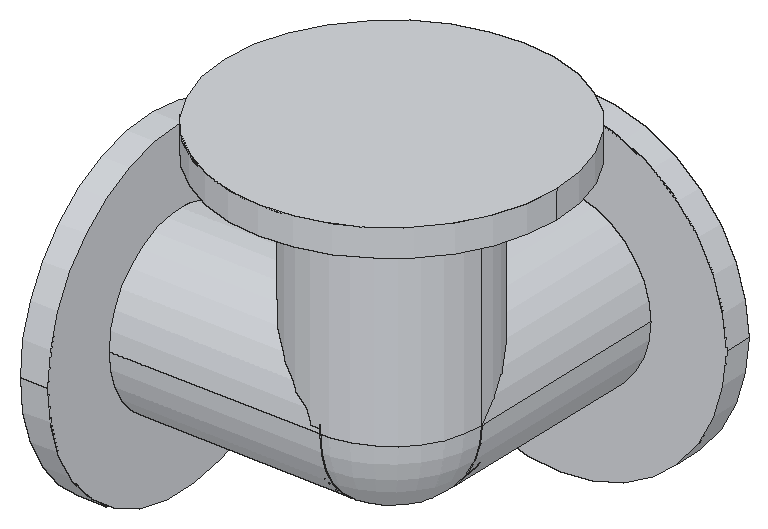
Revit family "64e15787aa1c48e4ada85152e7517113", category Pipe Fittings, Revit 2021
Family settings
  Round Connector Dimension = Use Radius
  Part Type = Multi Port
  OmniClass Number = 23.60.30.11.14
  OmniClass Title = Pipework Fittings
  Seek Item ID = Elbow Side-Outlet - Flanged - GI - Class 25-0000-USA-ENU
  Work Plane-Based = No
  Always vertical = Yes
  Cut with Voids When Loaded = No
  Shared = No
Parameters (values of type "Standard")
  Wall Thickness [instance] = size_lookup(Lookup Table Name, "WThk", 0.02 * Nominal Diameter + 21/64", Nominal Diameter)  # 0.43307"
  Tick Size [instance] = Flange Diameter * 0.4  # 3.6063"
  Loss Method = Not Defined
  Lookup Table Name = "Elbow Side-Outlet - Flanged - GI - Class 25"
  Length 7 [instance] = Center to Face * sin(Angle 1)  # 6.49606"
  Length 6 [instance] = Center to Face * (1 + cos(Angle 1))  # 6.49606"
  Length 5 [instance] = Center to Face - Fitting Outside Radius * cos(Angle 2)  # 6.49606"
  Length 4 [instance] = Fitting Outside Radius * sin(Angle 2)  # 2.44094"
  Length 3 [instance] = Center to Face - Fitting Outside Radius * cos(Angle 2)  # 6.49606"
  Length 2 [instance] = Fitting Outside Radius * sin(Angle 2)  # 2.44094"
  Length 1 [instance] = Center to Face - Flange Thickness  # 5.74803"
  Fitting Outside Radius [instance] = Fitting Outside Diameter / 2  # 2.44094"
  Fitting Outside Diameter [instance] = Fitting Inside Diameter + Wall Thickness * 2  # 4.88189"
  Nominal Radius [instance] = 2"
  Nominal Diameter [instance] = Nominal Radius * 2  # 4"
  Fitting Inside Diameter [instance] = size_lookup(Lookup Table Name, "FID", 1.02 * Nominal Diameter - 0", Nominal Diameter)  # 4.01575"
  Default Elevation = 0' - 0"
  Center to Face [instance] = size_lookup(Lookup Table Name, "CtF", 0.67 * Nominal Diameter + 4 89/256", Nominal Diameter)  # 6.49606"
  Flange Thickness [instance] = size_lookup(Lookup Table Name, "FThk", 0.03 * Nominal Diameter + 169/256", Nominal Diameter)  # 0.74803"
  Flange Radius [instance] = Flange Diameter / 2  # 4.50787"
  Flange Diameter [instance] = size_lookup(Lookup Table Name, "FDia", 1.16 * Nominal Diameter + 4 11/16", Nominal Diameter)  # 9.01575"
  Assembly Code = ""
  Angle 2 [instance] = 90.00°
  Angle 1 [instance] = 90.00°
Reference planes (in)
  plane 1 "Center (Front/Back)": y = 0
  plane 2: z = 0
  plane 3 "Center (Left/Right)": x = 0
  plane 4: x = -6.49606
  plane 5: x = -5.74803
  plane 6: y = 3.6063
  plane 7: y = -3.6063
  plane 8: x = 0
  plane 9: z = -2.44094
  plane 10: x = 0
  plane 11: z = -2.44094
  plane 12: x = 0
  plane 13: y = 6.49606
Forms (in)
  Sweep 1, solid, detail levels fine
    path in 3D
      loop
        line (-5.74803, 0, 0) -> (0, 0, 0)
    profile origin (-2.87402, 0, 0) x (0, 1, 0) y (0, 0, 1)
      loop
        circle (0, 0) r 2.44094
  Sweep 2, solid, detail levels fine
    path in 3D
      loop
        line (0, 0, 0) -> (0, 5.74803, 0)
    profile origin (0, 2.87402, 0) x (-1, 0, 0) y (0, 0, 1)
      loop
        circle (0, 0) r 2.44094
  Sweep 3, solid, detail levels fine
    path in 3D
      loop
        line (-6.49606, 0, 0) -> (-5.74803, 0, 0)
    profile origin (-6.12205, 0, 0) x (0, 1, 0) y (0, 0, 1)
      loop
        circle (0, 0) r 4.50787
  Sweep 4, solid, detail levels fine
    path in 3D
      loop
        line (0, 0, 5.74803) -> (0, 0, 6.49606)
    profile origin (0, 0, 6.12205) x (-1, 0, 0) y (0, -1, 0)
      loop
        circle (0, 0) r 4.50787
  Sweep 5, solid, detail levels fine
    path in 3D
      loop
        line (0, 5.74803, 0) -> (0, 6.49606, 0)
    profile origin (0, 6.12205, 0) x (-1, 0, 0) y (0, 0, 1)
      loop
        circle (0, 0) r 4.50787
  Sweep 6, solid, detail levels fine
    path in 3D
      loop
        line (0, 0, 0) -> (0, 0, 5.74803)
    profile origin (0, 0, 2.87402) x (-1, 0, 0) y (0, -1, 0)
      loop
        circle (0, 0) r 2.44094
  Revolve 7, solid, detail levels fine
    sketch origin (0, 0, 0) x (0, 0, -1) y (1, 0, 0)
      loop
        line (0, 0) -> (2.44094, 0)
        arc (2.44094, 0) -> (1.72601, 1.72601) -> (0, 2.44094) r 2.44094
        line (0, 2.44094) -> (0, 0)
      axis (2.44094, 0) -> (0, 0)
    angle from 0 to 360
Cuts and joins
  joined: Sweep 1, Sweep 3, Sweep 5
  joined: Sweep 4, Sweep 6, Revolve 7
Lines and regions (in)
  model lines, detail levels coarse+medium
    curve 1: line (-5.74803, 0, 0) -> (0, 0, 0)
    curve 2: line (0, 0, 0) -> (0, 5.74803, 0)
    curve 5: line (0, 0, 0) -> (0, 0, 5.74803)
    curve 6: line (-6.49606, 0, 0) -> (-5.74803, 0, 0)
    curve 8: line (0, 0, 5.74803) -> (0, 0, 6.49606)
    curve 10: line (0, 5.74803, 0) -> (0, 6.49606, 0)
    curve 15: line (-6.49606, 3.6063, 0) -> (-6.49606, 0, 0)
    curve 16: line (-6.49606, 0, 0) -> (-6.49606, -3.6063, 0)
    curve 17: line (0, 6.49606, 0) -> (-3.6063, 6.49606, 0)
    curve 18: line (0, 6.49606, 0) -> (3.6063, 6.49606, 0)
    curve 19: line (0, 0, 6.49606) -> (-3.6063, 0, 6.49606)
    curve 20: line (0, 0, 6.49606) -> (3.6063, 0, 6.49606)
  sketch lines
    curve 3: line (-5.74803, 0, 0) -> (0, 0, 0)
    curve 4: line (0, 0, 0) -> (0, 5.74803, 0)
    curve 7: line (-6.49606, 0, 0) -> (-5.74803, 0, 0)
    curve 9: line (0, 0, 5.74803) -> (0, 0, 6.49606)
    curve 11: line (0, 5.74803, 0) -> (0, 6.49606, 0)
    curve 21: line (0, 0, 0) -> (0, 0, 5.74803)
  reference lines
    curve 12: line (-6.49606, 0, 0) -> (-5.74803, 0, 0)
    curve 13: line (0, 0, 0) -> (0, 0, 6.49606)
    curve 14: line (0, 0, 6.49606) -> (0, 0, 5.74803)
    curve 22: line (0, 0, 0) -> (0, 0, -5.40331)
    curve 23: arc (0, 0, -2.44094) -> (1.72601, 0, -1.72601) -> (2.44094, 0, 0) r 2.44094
    curve 24: line (0, 0, 0) -> (2.44094, 0, 0)
    curve 25: line (0, 0, -2.44094) -> (0, 0, 0)
    curve 26: arc (0, 0, -2.44094) -> (1.72601, 0, -1.72601) -> (2.44094, 0, 0) r 2.44094
    curve 27: line (0, 0, 0) -> (2.44094, 0, 0)
Dimensions and locks (in)
  "Center to Face": plane 4 to plane 3 "Center (Left/Right)"
  "Flange Thickness": plane 4 to plane 5
  "Length 1": curve 2 to curve 2
  "Length 1": curve 5 to curve 5
  "Flange Thickness": curve 8 to curve 8
  "Flange Thickness": curve 10 to curve 10
  "Center to Face": curve 13 to curve 13
  equal spacing: plane 6, plane 1 "Center (Front/Back)", plane 7
  "Tick Size": plane 6 to plane 1 "Center (Front/Back)"
  "Tick Size": curve 17 to curve 18
  "Tick Size": curve 18 to curve 18
  "Tick Size": curve 19 to curve 20
  "Tick Size": curve 20 to curve 20
  "Length 2": plane 2 to plane 9
  "Length 4": plane 2 to plane 11
  "Fitting Outside Radius": curve 24 to curve 24
  "Length 6": plane 4 to plane 12
  "Length 7": plane 13 to plane 1 "Center (Front/Back)"
  "Length 3": plane 8 to plane 4
  "Length 5": plane 10 to plane 4
  "Fitting Outside Radius": radius of Sweep 1 sketch curve
  "Fitting Outside Radius": radius of Sweep 2 sketch curve
  "Flange Radius": radius of Sweep 3 sketch curve
  "Flange Radius": radius of Sweep 4 sketch curve
  "Flange Radius": radius of Sweep 5 sketch curve
  "Fitting Outside Radius": radius of Sweep 6 sketch curve
  "Angle 1": angle plane 1 "Center (Front/Back)" to curve 2
  "Angle 2": angle plane 2 to curve 5
  "Angle 2": angle plane 2 to curve 8
  "Angle 1": angle plane 1 "Center (Front/Back)" to curve 10
  "Angle 2": angle plane 2 to curve 13
  "Angle 2": angle plane 2 to curve 14
  locked: curve 17 to curve 10 (angle 90.00°)
  locked: curve 10 to curve 18 (angle 90.00°)
  locked: curve 19 to curve 8 (angle 90.00°)
  locked: curve 8 to curve 20 (angle 90.00°)
  "Angle 2": angle plane 2 to curve 22
  locked: curve 23 to curve 23 (angle 90.00°)
  locked: curve 22 to curve 24 (angle 90.00°)
  "Angle 2": angle plane 2 to Revolve 7 sketch curve
  "Angle 2": angle plane 11 to curve 25
  locked: curve 26 to curve 26 (angle 90.00°)
  locked: curve 25 to curve 27 (angle 90.00°)
  aligned and locked: plane 5 to curve 1
  aligned and locked: plane 2 to curve 5
  aligned and locked: plane 3 "Center (Left/Right)" to curve 5
  aligned and locked: plane 4 to curve 12
  aligned and locked: plane 1 "Center (Front/Back)" to curve 12
  aligned and locked: plane 1 "Center (Front/Back)" to curve 2
  aligned and locked: plane 2 to curve 13
  aligned and locked: plane 3 "Center (Left/Right)" to curve 13
  aligned and locked: plane 6 to curve 15
  aligned and locked: plane 1 "Center (Front/Back)" to curve 16
  aligned and locked: plane 7 to curve 16
  aligned and locked: curve 16 to plane 4
  aligned and locked: plane 9 to curve 23
  aligned and locked: plane 8 to curve 23
  aligned and locked: plane 3 "Center (Left/Right)" to curve 23
  aligned and locked: plane 2 to curve 23
  aligned and locked: Revolve 7 sketch curve to curve 23
  aligned and locked: Revolve 7 sketch curve to curve 24
  aligned and locked: curve 13 to Revolve 7 sketch curve
  aligned and locked: plane 3 "Center (Left/Right)" to Revolve 7 sketch curve
  aligned and locked: plane 11 to curve 25
  aligned and locked: plane 10 to curve 25
  aligned and locked: plane 2 to curve 26
  aligned and locked: plane 3 "Center (Left/Right)" to curve 26
  aligned and locked: plane 11 to curve 26
  aligned and locked: plane 10 to curve 26
  aligned and locked: plane 2 to curve 2
  aligned: plane 3 "Center (Left/Right)" to curve 2
Automatic sketch dimensions
  Sweep 1 sketch curve to profile plane = 0' - 0"  (x2)
  Sweep 2 sketch curve to profile plane = 0' - 0"  (x2)
  Sweep 3 sketch curve to profile plane = 0' - 0"  (x2)
  Sweep 4 sketch curve to profile plane = 0' - 0"  (x2)
  Sweep 5 sketch curve to profile plane = 0' - 0"  (x2)
  curve 2 to plane 3 "Center (Left/Right)" = 0' - 0"
  Sweep 6 sketch curve to profile plane = 0' - 0"
  profile plane to Sweep 6 sketch curve = 0' - 0"
  curve 12 to plane 5 = 0' - 0"
Connectors (in)
  piping at (-6.49606, 0, 0), diameter 4, driven by "Nominal Radius", driven by "Angle 1"
    settings: on cut or joined group of Sweep 1, Sweep 3, Sweep 5, index 1, connector inside diameter 4", connector length 0' - 0", flow factor 0, pipe flow 0 GPM, pressure drop 0.00 psi, fitting loss kfactor 0, connector angle 90.00°, fixture units 0, engagement length 0' - 0", angle of deflection 0.00°, flow configuration 0, flow direction 0, fitting loss method 0, system type 28, joint type 0, gender type 0, connector reference index 2, connector utility 0, adjustable connector no, is connector primary yes, connector description ""
  piping at (0, 6.49606, 0), diameter 4, driven by "Nominal Radius", driven by "Angle 1"
    settings: on cut or joined group of Sweep 1, Sweep 3, Sweep 5, index 2, connector inside diameter 4", connector length 0' - 0", flow factor 0, pipe flow 0 GPM, pressure drop 0.00 psi, fitting loss kfactor 0, connector angle 90.00°, fixture units 0, engagement length 0' - 0", angle of deflection 0.00°, flow configuration 0, flow direction 0, fitting loss method 0, system type 28, joint type 0, gender type 0, connector reference index 1, connector utility 0, adjustable connector no, is connector primary no, connector description ""
  piping at (0, 0, 6.49606), diameter 4, driven by "Nominal Radius", driven by "Angle 2"
    settings: on cut or joined group of Sweep 4, Sweep 6, Revolve 7, index 3, connector inside diameter 4", connector length 0' - 0", flow factor 0, pipe flow 0 GPM, pressure drop 0.00 psi, fitting loss kfactor 0, connector angle 90.00°, fixture units 0, engagement length 0' - 0", angle of deflection 0.00°, flow configuration 0, flow direction 0, fitting loss method 0, system type 28, joint type 0, gender type 0, connector reference index -1, connector utility 0, adjustable connector no, is connector primary no, connector description ""
